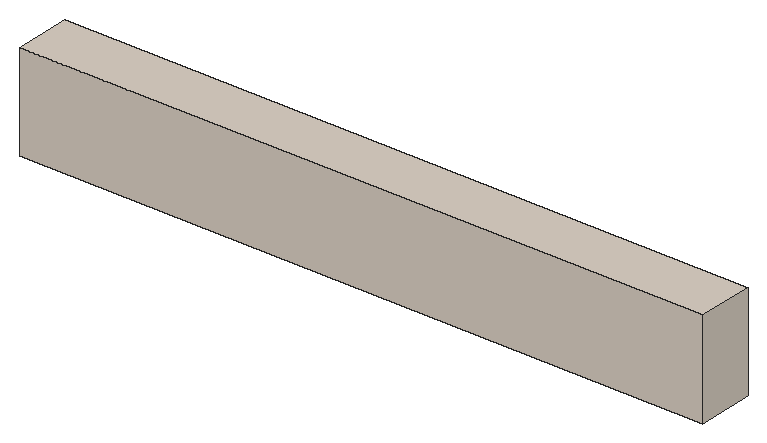
Revit family
Parameters (values of type "125 x 215mm Deep")
  Opening Width [instance] = 1210.0 mm
  Keynote = "F"
  Cill/Lintol Offset from Ext = 25.0 mm
  Material Cill = Masonry - Stone Cill
  Cill Height [instance] = 910.0 mm
  Cill/Lintol Width = 125.0 mm
  Cill/Lintol Length [instance] = Opening Width + 2 * (Cill Lintol Bearing)  # 1510.0 mm
  Cill/Lintol Depth = 215.0 mm
  Cill Lintol Bearing = 150.0 mm
Types (2, lengths in mm): name | Material Cill | Cill/Lintol Depth
  125 x 215mm Deep | Masonry - Stone Cill | 215.0
  125 x 150mm Deep | none | 150.0
Reference planes
  plane 1 "Wall": y = -11.298
  plane 2 "Center (Left/Right)": x = 161.814
  plane 3 "Back": y = 138.702
  plane 4 "U/S Lintol": z = 910
  plane 5: x = 766.814
  plane 6: x = -443.186
  plane 7: x = 916.814
  plane 8: x = -593.186
  plane 9: y = 163.702
  plane 10: y = 38.702
  plane 11: z = 695
Forms (mm)
  Extrusion 1, void
    sketch origin (0, 138.702, 0) x (-1, 0, 0) y (0, 0, 1)
      loop
        line (-916.814, 910) -> (-916.814, 695) -> (593.186, 695) -> (593.186, 910) -> (-916.814, 910)
    from 0 to -100
  Extrusion 2, solid, material "Masonry - Stone Cill" <- "Material Cill"
    sketch origin (0, 138.702, 0) x (1, 0, 0) y (0, 0, 1)
      loop
        line (916.814, 910) -> (-593.186, 910) -> (-593.186, 695) -> (916.814, 695) -> (916.814, 910)
    from -25 to 100
Text (mm)
  text "Placement side" at (-1848.837, 1116.779, 0), in view "Ref. Level"
  text "Placement side" at (0, 1409.804, 2854.306), in view "Left"
  text "Placement side" at (0, 499.811, 2980.732), in view "Right"
Dimensions and locks
  locked: plane 3 "Back" to host wall
  equal spacing: plane 5, plane 2 "Center (Left/Right)", plane 6
  "Opening Width": plane 5 to plane 6
  "Cill Lintol Bearing": plane 7 to plane 5
  "Cill Lintol Bearing": plane 6 to plane 8
  "Cill Height": level to plane 4 "U/S Lintol"
  "Cill/Lintol Offset from Ext": plane 3 "Back" to plane 9
  "Cill/Lintol Width": plane 10 to plane 9
  "Cill/Lintol Depth": plane 11 to plane 4 "U/S Lintol"
  aligned and locked: plane 1 "Wall" to host wall
  aligned and locked: Extrusion 1 to plane 10
  aligned and locked: host wall to Extrusion 1
  aligned and locked: plane 9 to Extrusion 2
  aligned and locked: Extrusion 2 to plane 10
Automatic sketch dimensions
  Extrusion 1 sketch curve to plane 7 = 0.0 mm
  Extrusion 1 sketch curve to plane 8 = 0.0 mm
  Extrusion 1 sketch curve to plane 11 = 0.0 mm
  Extrusion 1 sketch curve to plane 4 "U/S Lintol" = 0.0 mm
  Extrusion 2 sketch curve to plane 4 "U/S Lintol" = 0.0 mm
  Extrusion 2 sketch curve to plane 8 = 0.0 mm
  Extrusion 2 sketch curve to plane 7 = 0.0 mm
  Extrusion 2 sketch curve to plane 11 = 0.0 mm
